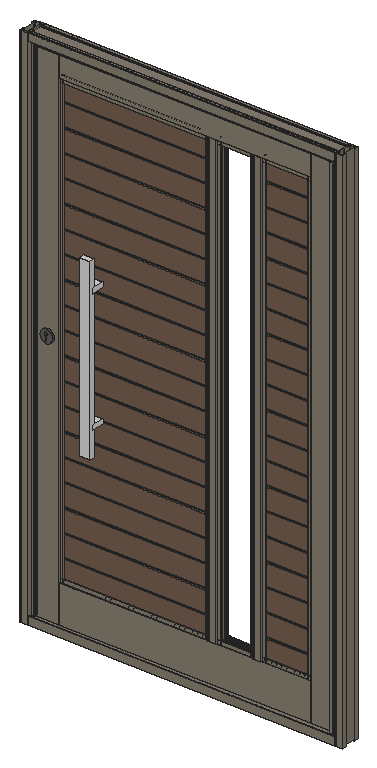
Revit family "Y1321P Y2 BZ K RH", category Doors, host Wall, Revit 2024 (continued)
Automatic sketch dimensions
  Extrusion 15 sketch curve to Extrusion 15 sketch curve = 1.5 mm  (x2)
  Extrusion 15 sketch curve to host wall = 17.1 mm  (x2)
  Extrusion 15 sketch curve to host wall = 19.7 mm
  Extrusion 15 sketch curve to Extrusion 15 sketch curve = 4.4 mm  (x2)
  Extrusion 15 sketch curve to Extrusion 15 sketch curve = 2.6 mm  (x2)
  Extrusion 15 sketch curve to Extrusion 15 sketch curve = 4.95 mm
  plane 5 to Extrusion 15 sketch curve = 46.5 mm
  Extrusion 15 sketch curve to Extrusion 15 sketch curve = 2 mm  (x4)
  Extrusion 15 sketch curve to Extrusion 15 sketch curve = 12.447 mm  (x4)
  Extrusion 15 sketch curve to Extrusion 15 sketch curve = 0.953 mm  (x20)
  Extrusion 15 sketch curve to Extrusion 15 sketch curve = 3 mm  (x11)
  Extrusion 15 sketch curve to Extrusion 15 sketch curve = 10.747 mm  (x3)
  Extrusion 15 sketch curve to Extrusion 15 sketch curve = 30.295 mm  (x2)
  Extrusion 15 sketch curve to Extrusion 15 sketch curve = 7.947 mm  (x2)
  Extrusion 15 sketch curve to Extrusion 15 sketch curve = 10.547 mm  (x2)
  Extrusion 15 sketch curve to Extrusion 15 sketch curve = 0.8 mm
  Extrusion 15 sketch curve to Extrusion 15 sketch curve = 1.205 mm
  Extrusion 15 sketch curve to Extrusion 15 sketch curve = 1.293 mm  (x2)
  Extrusion 15 sketch curve to Extrusion 15 sketch curve = 0.241 mm  (x2)
  Extrusion 15 sketch curve to Extrusion 15 sketch curve = 0.402 mm  (x2)
  Extrusion 15 sketch curve to Extrusion 15 sketch curve = 10.607 mm  (x2)
  Extrusion 15 sketch curve to Extrusion 15 sketch curve = 0.693 mm  (x2)
  Extrusion 15 sketch curve to Extrusion 15 sketch curve = 2.5 mm  (x2)
  Extrusion 15 sketch curve to Extrusion 15 sketch curve = 1.2 mm  (x2)
  level to Extrusion 15 sketch curve = 198.5 mm
  Extrusion 15 sketch curve to Extrusion 15 sketch curve = 0.993 mm
  Extrusion 15 sketch curve to Extrusion 15 sketch curve = 1.066 mm
  Extrusion 15 sketch curve to Extrusion 15 sketch curve = 0.405 mm
  level to Extrusion 15 sketch curve = 70.953 mm
  host wall to Extrusion 16 sketch curve = 12 mm  (x7)
  Extrusion 16 sketch curve to Extrusion 16 sketch curve = 0 mm  (x45)
  host wall to Extrusion 16 sketch curve = 4.5 mm  (x19)
  Extrusion 16 sketch curve to host wall = 2.5 mm  (x19)
  Extrusion 16 sketch curve to Extrusion 16 sketch curve = 7.5 mm  (x20)
  plane 5 to Extrusion 16 sketch curve = 131.5 mm
  Extrusion 16 sketch curve to Extrusion 16 sketch curve = 81.7 mm
  Extrusion 16 sketch curve to Extrusion 16 sketch curve = 8 mm  (x25)
  Extrusion 16 sketch curve to Extrusion 16 sketch curve = 82.7 mm  (x19)
  host wall to Extrusion 17 sketch curve = 12 mm  (x7)
  Extrusion 17 sketch curve to Extrusion 17 sketch curve = 0 mm  (x45)
  host wall to Extrusion 17 sketch curve = 4.5 mm  (x19)
  Extrusion 17 sketch curve to host wall = 2.5 mm  (x19)
  Extrusion 17 sketch curve to Extrusion 17 sketch curve = 7.5 mm  (x20)
  plane 5 to Extrusion 17 sketch curve = 131.5 mm
  Extrusion 17 sketch curve to Extrusion 17 sketch curve = 81.7 mm
  Extrusion 17 sketch curve to Extrusion 17 sketch curve = 8 mm  (x25)
  Extrusion 17 sketch curve to Extrusion 17 sketch curve = 82.7 mm  (x19)
  Extrusion 18 sketch curve to host wall = 0 mm
  Extrusion 18 sketch curve to host wall = 20 mm
  Extrusion 18 sketch curve to plane 3 "Left" = 269.704 mm
  Extrusion 18 sketch curve to Extrusion 18 sketch curve = 40 mm
  Extrusion 19 sketch curve to plane 3 "Left" = 269.704 mm  (x2)
  Extrusion 19 sketch curve to Extrusion 19 sketch curve = 40 mm  (x2)
  level to Extrusion 19 sketch curve = 805 mm
  Extrusion 19 sketch curve to Extrusion 19 sketch curve = 20 mm  (x2)
  Extrusion 19 sketch curve to Extrusion 19 sketch curve = 470 mm
  Extrusion 20 sketch curve to host wall = 18 mm
  Extrusion 20 sketch curve to plane 3 "Left" = 269.704 mm
  host wall to Extrusion 20 sketch curve = 2 mm
  Extrusion 20 sketch curve to Extrusion 20 sketch curve = 40 mm
  Extrusion 21 sketch curve to plane 3 "Left" = 269.704 mm  (x2)
  Extrusion 21 sketch curve to Extrusion 21 sketch curve = 40 mm  (x2)
  plane 5 to Extrusion 21 sketch curve = 805 mm
  Extrusion 21 sketch curve to Extrusion 21 sketch curve = 20 mm  (x2)
  Extrusion 21 sketch curve to Extrusion 21 sketch curve = 470 mm
  radius of Extrusion 8 sketch curve = 25 mm
  radius of Extrusion 9 sketch curve = 25 mm
